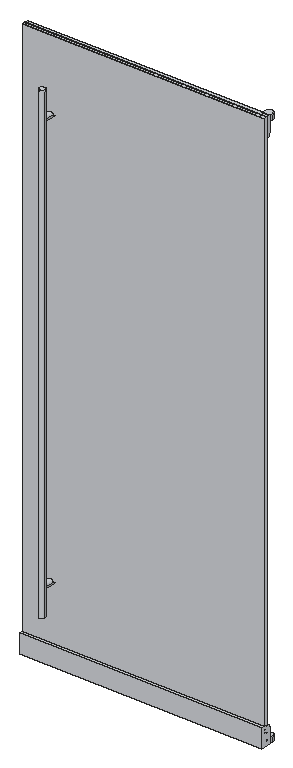
Revit family "DOOR_Single Glass_T&B Rails_Curtain Wall", category Doors, Revit 2024
Family settings
  Always vertical = Yes
  Cut with Voids When Loaded = No
  Shared = No
  Room Calculation Point = No
Parameters (values of type "Default - Exterior")
  t = Thickness_Patch / 2  # 28 mm
  o = polr + t  # 49 mm
  co reduction [instance] = Offset_CL Pull to CL Panel + Radius_Pull + o + polr  # 146 mm
  Wall Thickness [instance] = 150 mm
  Vertical Pull = yes
  Thickness = 45 mm
  Push Side Clearance [instance] = 1219.2 mm - Offset_Backset to OSF Leaf  # 1219.2 mm
  Pull Side Clearance [instance] = 1524 mm - Offset_Backset to OSF Leaf  # 1524 mm
  Panic Device = no
  Thickness_Patch = 56 mm
  Thickness\u001f_Panel = 12.5 mm
  Rail Material [instance] = none
  Radius_Pull = 16 mm
  Pull Material [instance] = none
  polr = 21 mm
  pofb = 20 mm
  Pivot Material [instance] = none
  Offset_Backset to OSF Leaf [instance] = 0 mm
  Offset_FF to Top of Pull [instance] = Door Height - Offset_FF to Bottom Of Pull  # 2872.688 mm
  Offset_FF to Bottom of Panic Pull = 1000 mm
  Offset_FF to Bottom Of Pull = 250 mm
  Offset_CL Pull to Edge of Panel = 150 mm
  Offset_CL Pull to CL Panel = 60 mm
  Offset_CL Mount to End of Pull = 150 mm
  Length_Patch = 175 mm
  Height_Top Rail = 100 mm
  Height_Bottom Rail = 100 mm
  Panel Material [instance] = none
  Function = Interior
  EA_Repath [instance] = 0 mm
  Double Swing Option [instance] = yes
  Double ADA Clearance Lines [instance] = yes
  Door Height [instance] = 3122.688 mm
  Define Thermal Properties by = Schematic Type
  Assembly Code = "B2030100"
  Analytic Construction = "<None>"
  Single ADA Clearance Lines [instance] = yes
Types (2): name
  Default - Exterior
  Default - Interior
Reference planes
  plane 1 "Wall Centerline": y = -0.084
  plane 2: z = 0
  plane 3: x = 1128.349
  plane 4: x = 456.043
  plane 5: x = 1800.655
  plane 6: z = 3122.688
  plane 7 "Door Centerline": y = -0.084
  plane 8: z = 250
  plane 9: z = 3022.688
  plane 10: z = 100
  plane 11: z = 2872.688
  plane 12 "Clear Opening": x = 1654.655
  plane 13 "OSF Door": y = 27.916
  plane 14 "Pivot Axis (Left/Right)": y = 47.916
  plane 15: x = 1730.655
  plane 16: x = 1779.655
  plane 17: z = 3090.938
  plane 18 "Backset": y = -0.084
  plane 19: z = 1000
  plane 20: y = 74.916
  plane 21: y = -75.084
  plane 22: y = -131.084
Forms (mm)
  Extrusion 1, solid, material <- "Panel Material"
    sketch origin (0, 0, 0) x (1, 0, 0) y (0, 1, 0)
      loop
        line (456.043, 6.166) -> (456.043, -6.334) -> (1800.655, -6.334) -> (1800.655, 6.166) -> (456.043, 6.166)
    from 0 to 3122.688
  Extrusion 2, solid, material <- "Rail Material"
    sketch origin (0, 0, 0) x (1, 0, 0) y (0, 1, 0)
      loop
        line (456.043, 27.916) -> (456.043, -28.084) -> (1800.655, -28.084) -> (1800.655, 27.916) -> (456.043, 27.916)
    from 0 to 100
  Extrusion 3, solid, material <- "Rail Material"
    sketch origin (0, 0, 965.2) x (1, 0, 0) y (0, 1, 0)
      loop
        line (456.043, 27.916) -> (456.043, -0.084) -> (1800.655, -0.084) -> (1800.655, 27.916) -> (456.043, 27.916)
    from 2057.488 to 2157.488
  Extrusion 4, solid, material <- "Pivot Material"
    sketch origin (1613.977, -206.538, 0) x (0, -1, 0) y (1, 0, 0)
      loop
        line (-232.867, 185.091) -> (-254.455, 185.091)
        arc (-254.455, 185.091) -> (-273.652, 168.559) -> (-260.153, 147.121) r 19.413
        line (-260.153, 147.121) -> (-232.867, 139.458) -> (-232.867, 185.091)
    from 0 to 28.575
  Extrusion 5, solid, material <- "Pivot Material"
    sketch origin (1613.977, -206.538, 2924.175) x (-1, 0, 0) y (0, -1, 0)
      loop
        line (-185.091, -232.867) -> (-185.091, -254.455)
        arc (-185.091, -254.455) -> (-168.559, -273.652) -> (-147.121, -260.153) r 19.413
        line (-147.121, -260.153) -> (-139.458, -232.867) -> (-185.091, -232.867)
    from 166.763 to 198.513
  Extrusion 6, void
    sketch origin (1128.349, 0, 0) x (0, -1, 0) y (0, 0, 1)
      loop
        line (-27.916, 77.775) -> (-15.085, 100) -> (-27.916, 100) -> (-27.916, 77.775)
    from -672.306 to 672.306
  Extrusion 7, void
    sketch origin (1128.349, 56.983, 0) x (0, 1, 0) y (0, 0, -1)
      loop
        line (-57.066, -77.775) -> (-57.066, -100) -> (-44.235, -100) -> (-57.066, -77.775)
    from -672.306 to 672.306
  Extrusion 8, void
    sketch origin (1128.349, 0, 0) x (0, -1, 0) y (0, 0, 1)
      loop
        line (-27.916, 3022.688) -> (-15.085, 3022.688) -> (-27.916, 3044.913) -> (-27.916, 3022.688)
    from -672.306 to 672.306
  Extrusion 9, void
    sketch origin (1128.349, 56.983, 0) x (0, 1, 0) y (0, 0, -1)
      loop
        line (-57.066, -3022.688) -> (-57.066, -3044.913) -> (-44.235, -3022.688) -> (-57.066, -3022.688)
    from -672.306 to 672.306
Cuts and joins
  Extrusion 6, Extrusion 7 cuts Extrusion 2
  Extrusion 8, Extrusion 9 cuts Extrusion 3
Lines and regions (mm)
  symbolic lines, style "Elevation Swing"
    curve 1: line (456.043, 0, 3122.688) -> (1800.655, 0, 1561.344)
    curve 2: line (456.043, 0, 0) -> (1800.655, 0, 1561.344)
  symbolic lines, style "Plan Swing"
    curve 3: line (1702.08, 27.916, 0) -> (1759.018, 27.916, 0)
    curve 4: line (1759.018, 1370.622, 0) -> (1759.018, 27.916, 0)
    curve 5: line (1702.08, 1370.622, 0) -> (1702.08, 27.916, 0)
    curve 6: line (1736.905, 1370.622, 0) -> (1759.018, 1370.622, 0)
    curve 7: line (1724.405, 1370.622, 0) -> (1724.405, 27.916, 0)
    curve 8: line (1736.905, 27.916, 0) -> (1736.905, 1370.622, 0)
    curve 10: circle (1779.655, 47.916, 0) r 20 normal (0, 0, -1)
    curve 11: line (1779.655, 67.916, 0) -> (1779.655, 27.916, 0)
    curve 12: line (1759.655, 47.916, 0) -> (1799.655, 47.916, 0)
    curve 14: line (1702.08, 1370.622, 0) -> (1724.405, 1370.622, 0)
    curve 15: line (1724.405, 1370.622, 0) -> (1736.905, 1370.622, 0)
    curve 16: arc (456.043, 47.916, 0) -> (826.553, 966.364, 0) -> (1730.655, 1370.622, 0) r 1323.613
  symbolic lines, style "Plan Swing", visible <- "Vertical Pull"
    curve 9: circle (1670.655, 1220.622, 0) r 16 normal (0, 0, -1)
    curve 13: circle (1790.655, 1220.622, 0) r 16 normal (0, 0, 1)
  symbolic lines, style "ADA Clearance Lines", visible <- "Double ADA Clearance Lines"
    curve 17: line (1702.08, 1598.916, 0) -> (-1.157, 1598.916, 0)
    curve 18: line (-1.157, 1598.916, 0) -> (-1.157, 27.916, 0)
    curve 29: line (1702.08, -1655.084, 0) -> (1702.08, 1598.916, 0)
    curve 30: line (-1.157, -75.084, 0) -> (-1.157, -1655.084, 0)
    curve 31: line (-1.157, -1655.084, 0) -> (1702.08, -1655.084, 0)
  symbolic lines, style "Plan Swing", visible <- "Double Swing Option"
    curve 19: line (1759.018, -1274.789, 0) -> (1759.018, 49.388, 0)
    curve 20: line (1702.08, -1274.789, 0) -> (1702.08, 49.388, 0)
    curve 21: line (1736.805, -1274.789, 0) -> (1759.018, -1274.789, 0)
    curve 22: line (1724.305, -1274.789, 0) -> (1724.305, 49.388, 0)
    curve 23: line (1736.805, 49.388, 0) -> (1736.805, -1274.789, 0)
    curve 24: line (1702.08, -1274.789, 0) -> (1724.305, -1274.789, 0)
    curve 25: line (1724.305, -1274.789, 0) -> (1736.805, -1274.789, 0)
    curve 26: arc (456.043, 47.916, 0) -> (826.553, -870.531, 0) -> (1730.655, -1274.789, 0) r 1323.613
    curve 27: circle (1670.655, -1122.389, 0) r 16 normal (0, 0, 1)
    curve 28: circle (1790.655, -1122.389, 0) r 16 normal (0, 0, -1)
  symbolic lines, style "ADA Clearance Lines", visible <- "Single ADA Clearance Lines"
    curve 32: line (-1.157, 74.916, 0) -> (-1.157, 1598.916, 0)
    curve 33: line (-1.157, 1598.916, 0) -> (1702.08, 1598.916, 0)
    curve 34: line (1702.08, 1598.916, 0) -> (1702.08, -1350.284, 0)
    curve 35: line (1702.08, -1350.284, 0) -> (151.243, -1350.284, 0)
    curve 36: line (151.243, -1350.284, 0) -> (151.243, -131.084, 0)
Text (mm)
  text "Exterior" at (-1298.825, 456.976, 0), in view "Base Line"
Dimensions and locks
  equal spacing: plane 4, plane 3, plane 5
  "Offset_FF to Bottom Of Pull": plane 8 to plane 2
  "Height_Bottom Rail": plane 10 to plane 2
  "Height_Top Rail": plane 6 to plane 9
  "Offset_FF to Top of Pull": plane 11 to plane 2
  equal spacing: Extrusion 1 sketch curve, plane 7 "Door Centerline", Extrusion 1 sketch curve
  "Thickness\u001f_Panel": Extrusion 1 sketch curve to Extrusion 1 sketch curve
  equal spacing: Extrusion 2 sketch curve, plane 7 "Door Centerline", Extrusion 2 sketch curve
  "Thickness_Patch": Extrusion 2 sketch curve to Extrusion 2 sketch curve
  "t": plane 7 "Door Centerline" to plane 13 "OSF Door"
  "pofb": plane 14 "Pivot Axis (Left/Right)" to plane 13 "OSF Door"
  equal spacing: curve 7, plane 15, curve 8
  "Thickness\u001f_Panel": curve 7 to curve 8
  "Offset_CL Pull to CL Panel": curve 9 to plane 15
  plane 14 "Pivot Axis (Left/Right)" to plane 13 "OSF Door" = 20 mm
  "polr": plane 5 to plane 16
  "o": plane 16 to plane 15
  "Offset_CL Pull to CL Panel": curve 13 to plane 15
  "co reduction": plane 12 "Clear Opening" to plane 5
  locked: plane 17 to plane 6 at 31.75
  "Offset_CL Pull to Edge of Panel": plane 4 to nested 1
  "Offset_CL Pull to Edge of Panel": plane 4 to nested 2
  "Offset_CL Pull to Edge of Panel": curve 13 to curve 15
  "Offset_CL Pull to Edge of Panel": curve 9 to curve 15
  equal spacing: plane 2, curve 2, plane 6
  locked: plane 18 "Backset" to plane 1 "Wall Centerline"
  "Offset_Backset to OSF Leaf": plane 18 "Backset" to plane 7 "Door Centerline"
  curve 18 to plane 4 = 457.2 mm
  "Door Height": plane 2 to plane 6
  "Offset_FF to Bottom of Panic Pull": plane 2 to plane 19
  curve 22 to curve 23 = 12.5 mm
  "Thickness\u001f_Panel": curve 22 to curve 23
  "Offset_CL Pull to CL Panel": curve 27 to plane 15
  "Offset_CL Pull to CL Panel": curve 28 to plane 15
  "Pull Side Clearance": plane 22 to curve 31
  curve 30 to plane 4 = 457.2 mm
  "Wall Thickness": plane 20 to plane 21
  equal spacing: plane 20, plane 7 "Door Centerline", plane 21
  "Pull Side Clearance": curve 17 to plane 20
  "Thickness_Patch": plane 21 to plane 22
  curve 32 to plane 4 = 457.2 mm
  curve 36 to plane 4 = 304.8 mm
  "Pull Side Clearance": curve 33 to plane 20
  "Push Side Clearance": plane 22 to curve 35
  "Radius_Pull": radius of curve 9
  "Radius_Pull": radius of curve 13
  "Radius_Pull": radius of curve 27
  "Radius_Pull": radius of curve 28
  aligned and locked: level to plane 2
  aligned and locked: plane 5 to Extrusion 2 sketch curve
  aligned and locked: plane 7 "Door Centerline" to nested 1
  aligned and locked: plane 9 to Extrusion 3
  aligned and locked: plane 7 "Door Centerline" to nested 2
  aligned and locked: Extrusion 3 sketch curve to plane 13 "OSF Door"
  aligned and locked: plane 5 to Extrusion 3 sketch curve
  aligned and locked: Extrusion 3 to plane 6
  aligned and locked: Extrusion 5 to plane 17
  aligned and locked: plane 6 to Extrusion 5
  aligned and locked: plane 5 to Extrusion 1 sketch curve
  aligned and locked: Extrusion 1 to plane 6
  aligned and locked: Extrusion 1 to level
  aligned and locked: Extrusion 2 to plane 10
  aligned and locked: Extrusion 1 sketch curve to plane 4
  aligned and locked: plane 15 to curve 16
  aligned and locked: curve 15 to curve 16
  aligned and locked: curve 1 to Extrusion 1
  aligned and locked: curve 2 to Extrusion 1
  aligned and locked: Extrusion 2 sketch curve to plane 4
  aligned and locked: plane 4 to Extrusion 3 sketch curve
  aligned and locked: curve 15 to curve 6
  aligned and locked: curve 14 to curve 15
  aligned and locked: plane 13 "OSF Door" to curve 18
  aligned and locked: Extrusion 2 to Extrusion 6 sketch curve
  aligned and locked: plane 13 "OSF Door" to Extrusion 6 sketch curve
  aligned and locked: plane 4 to cut or joined group of Extrusion 2, Extrusion 6, Extrusion 7
  aligned and locked: cut or joined group of Extrusion 2, Extrusion 6, Extrusion 7 to plane 5
  aligned and locked: plane 10 to Extrusion 7 sketch curve
  aligned and locked: plane 18 "Backset" to Extrusion 7 sketch curve
  aligned and locked: plane 9 to Extrusion 8 sketch curve
  aligned and locked: Extrusion 8 sketch curve to plane 13 "OSF Door"
  aligned and locked: Extrusion 9 sketch curve to plane 9
  aligned and locked: Extrusion 9 sketch curve to plane 18 "Backset"
  aligned and locked: cut or joined group of Extrusion 3, Extrusion 8, Extrusion 9 to cut or joined group of Extrusion 3, Extrusion 8, Extrusion 9  (x4)
  aligned and locked: nested 2 to plane 19
  aligned and locked: curve 25 to curve 21
  aligned and locked: curve 24 to curve 25
  aligned and locked: curve 29 to curve 5
  aligned and locked: plane 21 to curve 30
Automatic sketch dimensions
  plane 1 "Wall Centerline" to Extrusion 3 sketch curve = 0 mm
  curve 1 to plane 6 = 0 mm
  curve 2 to level = 0 mm
  plane 4 to curve 2 = 0 mm
  plane 14 "Pivot Axis (Left/Right)" to Extrusion 4 sketch curve = 0 mm
  Extrusion 4 sketch curve to plane 16 = 0 mm
  Extrusion 4 sketch curve to plane 14 "Pivot Axis (Left/Right)" = 5.698 mm
  plane 13 "OSF Door" to Extrusion 4 sketch curve = 1.588 mm
  Extrusion 4 sketch curve to plane 5 = 1.588 mm
  Extrusion 4 sketch curve to plane 15 = 22.779 mm
  plane 14 "Pivot Axis (Left/Right)" to Extrusion 5 sketch curve = 0 mm
  Extrusion 5 sketch curve to plane 16 = 0 mm
  plane 5 to Extrusion 5 sketch curve = 1.588 mm
  plane 14 "Pivot Axis (Left/Right)" to Extrusion 5 sketch curve = 5.698 mm
  Extrusion 5 sketch curve to plane 13 "OSF Door" = 1.588 mm
  plane 15 to Extrusion 5 sketch curve = 22.779 mm
  Extrusion 6 sketch curve to Extrusion 6 sketch curve = 12.832 mm
  plane 10 to Extrusion 6 sketch curve = 22.225 mm
  Extrusion 7 sketch curve to plane 1 "Wall Centerline" = 12.832 mm
  plane 10 to Extrusion 7 sketch curve = 22.225 mm
  Extrusion 8 sketch curve to plane 13 "OSF Door" = 12.832 mm
  Extrusion 8 sketch curve to Extrusion 8 sketch curve = 22.225 mm
  Extrusion 9 sketch curve to plane 1 "Wall Centerline" = 12.832 mm
  Extrusion 9 sketch curve to Extrusion 9 sketch curve = 22.225 mm
  curve 10 to curve 16 = 0 mm  (x2)
  curve 16 to curve 26 = 0 mm
  curve 16 to plane 4 = 0 mm
  curve 5 to plane 13 "OSF Door" = 0 mm
  curve 26 to plane 15 = 0 mm
  plane 14 "Pivot Axis (Left/Right)" to curve 12 = 0 mm
  curve 11 to plane 16 = 0 mm
  plane 14 "Pivot Axis (Left/Right)" to curve 10 = 0 mm
  curve 10 to plane 16 = 0 mm
  plane 13 "OSF Door" to curve 11 = 0 mm
  curve 35 to plane 15 = 28.575 mm
  curve 24 to curve 26 = 28.575 mm
  curve 25 to curve 26 = 6.35 mm
  plane 16 to curve 6 = 20.637 mm
  plane 16 to curve 19 = 20.638 mm
  curve 19 to curve 28 = 152.4 mm
  curve 27 to curve 28 = 0 mm
  plane 14 "Pivot Axis (Left/Right)" to curve 20 = 1.472 mm
  plane 14 "Pivot Axis (Left/Right)" to curve 23 = 1.472 mm
  plane 14 "Pivot Axis (Left/Right)" to curve 22 = 1.472 mm
  plane 14 "Pivot Axis (Left/Right)" to curve 19 = 1.472 mm
  curve 32 to plane 20 = 0 mm
  curve 36 to plane 22 = 0 mm
Nested families
  nested 1: "Vertical Straight Pull" at (606.043, -0.084, 0), visible <- "Vertical Pull", type "Default"
    with Radius_Pull 16 mm, Offset_FF to Top of Pull 2872.688 mm, Offset_FF to Bottom of Pull 250 mm, Offset_CL Pull to CL Panel 60 mm, Offset_CL Mount to End of Pull 150 mm
  nested 2: "Panic Device" at (738.029, -0.084, 0), visible <- "Panic Device", type "Default"
Definition of nested family "Vertical Straight Pull"
  Parameters
    Radius_Pull = 15.875 mm
    Pull = none
    Offset_FF to Top of Pull = 1219.2 mm
    Offset_FF to Bottom of Pull = 304.8 mm
    Offset_CL Mount to End of Pull = 304.8 mm
    Offset_CL Pull to CL Panel = 76.2 mm
    Default Elevation = 0 mm
    Assembly Code = ""
  Reference planes
    plane 1 "Center (Front/Back)": y = 0
    plane 2: z = 0
    plane 3 "Center (Left/Right)": x = 0
    plane 4: y = 76.2
    plane 5: y = -76.2
    plane 6: z = 609.6
    plane 7: z = 914.4
    plane 8: z = 1219.2
    plane 9: z = 304.8
  Forms (mm)
    Extrusion 1, solid, material <- "Pull"
      sketch origin (0, 0, 0) x (1, 0, 0) y (0, 1, 0)
        loop
          circle (0, 76.2) r 15.875
        loop
          circle (0, -76.2) r 15.875
      from 304.8 to 1219.2
    Extrusion 2, solid
      sketch origin (0, 0, 0) x (1, 0, 0) y (0, 0, 1)
        loop
          circle (0, 914.4) r 15.875
        loop
          circle (0, 609.6) r 15.875
      from -76.2 to 76.2
  Dimensions and locks
    "Offset_CL Mount to End of Pull": plane 8 to plane 7
    "Offset_CL Mount to End of Pull": plane 6 to plane 9
    "Offset_FF to Bottom of Pull": plane 9 to plane 2
    "Offset_FF to Top of Pull": plane 8 to plane 2
    "Offset_CL Pull to CL Panel": plane 4 to plane 1 "Center (Front/Back)"
    "Offset_CL Pull to CL Panel": plane 5 to plane 1 "Center (Front/Back)"
    "Offset_CL Pull to CL Panel": plane 1 "Center (Front/Back)" to Extrusion 2
    "Offset_CL Pull to CL Panel": Extrusion 2 to plane 1 "Center (Front/Back)"
    "Radius_Pull": radius of Extrusion 1 sketch curve  (x2)
    "Radius_Pull": radius of Extrusion 2 sketch curve  (x2)
    aligned and locked: plane 8 to Extrusion 1
    aligned and locked: Extrusion 1 to plane 9
  Automatic sketch dimensions
    Extrusion 1 sketch curve to plane 3 "Center (Left/Right)" = 0 mm  (x2)
    Extrusion 1 sketch curve to plane 5 = 0 mm
    Extrusion 1 sketch curve to plane 4 = 0 mm
    Extrusion 2 sketch curve to plane 3 "Center (Left/Right)" = 0 mm  (x2)
    Extrusion 2 sketch curve to plane 6 = 0 mm
    Extrusion 2 sketch curve to plane 7 = 0 mm
Definition of nested family "Panic Device"
  Parameters
    Radius_Pull = 19.05 mm
    Pull = none
    Offset_FF to Top of Pull = 2413 mm
    Offset_FF to Bottom of Vertical Pull = 25.4 mm
    Offset_FF to Bottom of Panic Pull = 1066.8 mm
    Offset_CL Pull to CL Panel = 69.85 mm
    Offset_CL Mount to End of Pull = 152.4 mm
    Default Elevation = 0 mm
    Assembly Code = ""
  Reference planes
    plane 1 "Center (Front/Back)": y = 0
    plane 2: z = 0
    plane 3 "Center (Left/Right)": x = -131.986
    plane 4: z = 177.8
    plane 5: z = 2260.6
    plane 6: z = 2413
    plane 7: x = 579.214
    plane 8: x = 604.614
    plane 9: x = 579.214
    plane 10: z = 25.4
    plane 11: z = 1066.8
  Forms (mm)
    Extrusion 1, solid, material <- "Pull"
      sketch origin (0, 0, 0) x (1, 0, 0) y (0, 0, 1)
        loop
          circle (-131.986, 2260.6) r 19.05
      from -69.85 to 69.85
    Sweep 2, solid, material <- "Pull"
      path origin (0, 0, 0) x (1, 0, 0) y (0, 0, 1)
        loop
          line (-131.986, 2413) -> (-131.986, 1168.4)
          arc (-131.986, 1168.4) -> (-102.228, 1096.558) -> (-30.386, 1066.8) r 101.6
          line (-30.386, 1066.8) -> (477.614, 1066.8)
      profile origin (-131.986, 0, 1790.7) x (0, -1, 0) y (1, 0, 0)
        loop
          circle (69.85, 0) r 19.05
    Sweep 3, solid, material <- "Pull"
      path origin (0, 0, 0) x (1, 0, 0) y (0, 1, 0)
        loop
          line (483.964, -69.85) -> (509.364, -69.85)
          arc (509.364, -69.85) -> (558.755, -49.391) -> (579.214, 0) r 69.85
          line (579.214, 0) -> (579.214, 19.05)
      profile origin (496.664, -69.85, 0) x (0, 1, 0) y (0, 0, 1)
        loop
          circle (0, 1066.8) r 19.05
    Extrusion 4, solid, material <- "Pull"
      sketch origin (0, 0, 0) x (1, 0, 0) y (0, 1, 0)
        loop
          circle (-131.986, 69.85) r 19.05
      from 25.4 to 2413
    Extrusion 5, solid, material <- "Pull"
      sketch origin (0, 0, 0) x (1, 0, 0) y (0, 0, 1)
        loop
          circle (-131.986, 177.8) r 15.875
      from -69.85 to 0
  Dimensions and locks
    "Offset_CL Mount to End of Pull": plane 6 to plane 5
    "Offset_FF to Top of Pull": plane 6 to plane 2
    "Offset_CL Pull to CL Panel": Extrusion 1 to plane 1 "Center (Front/Back)"
    "Offset_CL Pull to CL Panel": Sweep 2 sketch curve to profile plane
    "Offset_CL Pull to CL Panel": plane 1 "Center (Front/Back)" to Extrusion 4 sketch curve
    "Offset_CL Pull to CL Panel": plane 1 "Center (Front/Back)" to Extrusion 1
    "Offset_FF to Bottom of Vertical Pull": plane 2 to plane 10
    "Offset_CL Mount to End of Pull": plane 4 to plane 10
    "Offset_FF to Bottom of Panic Pull": plane 11 to plane 2
    Sweep 3 sketch curve to plane 11 = 0 mm
    "Radius_Pull": radius of Extrusion 1 sketch curve
    "Radius_Pull": radius of Sweep 2 sketch curve
    "Offset_CL Pull to CL Panel": radius of Sweep 3 sketch curve
    "Radius_Pull": radius of Sweep 3 sketch curve
    "Radius_Pull": radius of Extrusion 4 sketch curve
    aligned and locked: plane 7 to Sweep 3 sketch curve
    aligned and locked: plane 6 to Extrusion 4
    aligned and locked: Extrusion 4 to plane 10
    aligned and locked: Sweep 2 sketch curve to plane 11
    aligned and locked: level to plane 2
    aligned: Sweep 2 to Sweep 3
    aligned and locked: plane 1 "Center (Front/Back)" to Extrusion 5
    aligned and locked: Extrusion 1 to Extrusion 5
  Automatic sketch dimensions
    Extrusion 1 sketch curve to plane 3 "Center (Left/Right)" = 0 mm
    Extrusion 1 sketch curve to plane 5 = 0 mm
    Sweep 2 sketch curve to profile plane = 0 mm
    Sweep 3 sketch curve to profile plane = 0 mm
    Sweep 3 sketch curve to plane 1 "Center (Front/Back)" = 0 mm
    Sweep 3 sketch curve to Sweep 3 sketch curve = 25.4 mm
    Sweep 3 sketch curve to Sweep 3 sketch curve = 19.05 mm
    Extrusion 4 sketch curve to plane 3 "Center (Left/Right)" = 0 mm
    Sweep 2 sketch curve to plane 3 "Center (Left/Right)" = 0 mm
    Sweep 2 sketch curve to plane 6 = 0 mm
    plane 3 "Center (Left/Right)" to Sweep 2 sketch curve = 101.6 mm
    Sweep 2 sketch curve to plane 9 = 101.6 mm
    Extrusion 5 sketch curve to plane 3 "Center (Left/Right)" = 0 mm
    Extrusion 5 sketch curve to plane 4 = 0 mm
    radius of Extrusion 5 sketch curve = 15.875 mm
